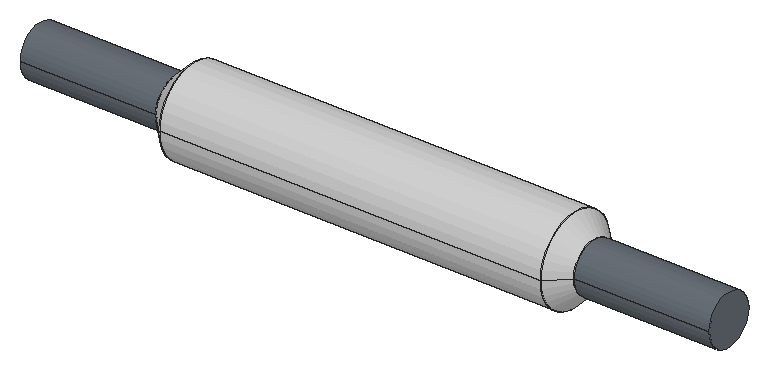
Revit family "РИДАН_Компенсатор под приварку без кожуха", category Арматура трубопроводов, Revit 2019
Family settings
  Размер круглого соединителя = Использовать диаметр
  Тип детали = Вставляется
  На основе рабочей плоскости = Нет
  Всегда вертикально = Да
  При загрузке вырезать с полостями = Нет
  Общий = Нет
Parameters (values of type "DN 15")
  Контакты_Производитель = "info@ridan.ru"  # constant formula
  Изготовитель = "ООО «Ридан-Трейд»"  # constant formula
  num = if((b * 0.22 * 4) - 2 mm > a, 1, 2)  # 2
  e = (c - b) + d  # 170 mm
  d = size_lookup(LT, "d", 20 mm, ADSK_Диаметр условный)  # 155 mm
  c = size_lookup(LT, "c", 20 mm, ADSK_Диаметр условный)  # 35 mm
  b = size_lookup(LT, "b", 20 mm, ADSK_Диаметр условный)  # 20 mm
  b2 = if(num = 2, b, ((a / 4) / 0.22) - 2 mm)  # 20 mm
  a1 = if(num = 2, a, (b2 * 0.22 * 4) - 2 mm)  # 280 mm
  a = size_lookup(LT, "a", 20 mm, ADSK_Диаметр условный)  # 280 mm
  URL = "https://ridan.ru/"
  LT = "Table"  # constant formula
  ADSK_Расход жидкости = 0 m³/h
  ADSK_Наименование = size_lookup(LT, "Name", "", ADSK_Диаметр условный)  # "Компенсатор PN16 DN15, перемещение: +12/-28mm, внутренняя гильза, под приварку"
  ADSK_Масса_Текст = ""
  ADSK_Масса = size_lookup(LT, "M", 0, ADSK_Диаметр условный)  # 0.75
  ADSK_Марка = size_lookup(LT, "Mark", "", ADSK_Диаметр условный)  # "Компенсатор"
  ADSK_Количество = 1  # constant formula
  ADSK_Код изделия = size_lookup(LT, "", "", ADSK_Диаметр условный)  # "065H0040R"
  ADSK_Завод-изготовитель = "ООО «Ридан-Трейд»"  # constant formula
  ADSK_Единица измерения = "шт."
  ADSK_Диаметр условный = 15 mm
  ADSK_Версия семейства = "1.0"  # constant formula
  ADSK_Версия Revit = "2019"  # constant formula
Types (15, lengths in mm): name | num | e | d | c | b | b2 | a1 | a | ADSK_Наименование | ADSK_Масса | ADSK_Код изделия | ADSK_Диаметр условный
  (no name) | 2 | 170 | 155 | 35 | 20 | 20 | 280 | 280 | "Компенсатор PN16 DN15, перемещение: +12/-28mm, внутренняя гильза, под приварку" | 0.75 | "065H0040R" | 15
  DN 15 | 2 | 170 | 155 | 35 | 20 | 20 | 280 | 280 | "Компенсатор PN16 DN15, перемещение: +12/-28mm, внутренняя гильза, под приварку" | 0.75 | "065H0040R" | 15
  DN 20 | 2 | 164 | 155 | 35 | 26 | 26 | 280 | 280 | "Компенсатор PN16 DN20, перемещение: +12/-28mm, внутренняя гильза, под приварку" | 0.77 | "065H0041R" | 20
  DN 25 | 2 | 162 | 150 | 44 | 32 | 32 | 275 | 275 | "Компенсатор PN16 DN25, перемещение +12/-28mm, внутренняя гильза, под приварку" | 1.11 | "065H0042R" | 25
  DN 32 | 2 | 172 | 163 | 51 | 42 | 42 | 310 | 310 | "Компенсатор PN16 DN32, перемещение: +12/-28mm, внутренняя гильза, под приварку" | 1.6 | "065H0043R" | 32
  DN 40 | 2 | 182.5 | 163 | 64.5 | 45 | 45 | 310 | 310 | "Компенсатор PN16 DN40, перемещение: +12/-28mm, внутренняя гильза, под приварку" | 2.45 | "065H0044R" | 40
  DN 50 | 2 | 170.5 | 163 | 64.5 | 57 | 57 | 310 | 310 | "Компенсатор PN16 DN50, перемещение: +12/-28mm, внутренняя гильза, под приварку" | 2.3 | "065H0045R" | 50
  DN 65 | 2 | 148.9 | 129 | 96 | 76.1 | 76.1 | 250 | 250 | "Компенсатор PN16 DN65, перемещение: +12/-28mm, внутренняя гильза, под приварку" | 1.2 | "065H0046R" | 65
  DN 80 | 2 | 154.1 | 132 | 111 | 88.9 | 88.9 | 255 | 255 | "Компенсатор PN16 DN80, перемещение: +12/-28mm, внутренняя гильза, под приварку" | 1.59 | "065H0047R" | 80
  DN 100 | 2 | 165 | 136 | 137 | 108 | 108 | 255 | 255 | "Компенсатор PN16 DN100, перемещение +12/-28mm, внутренняя гильза, под приварку" | 5.53 | "065H0048R" | 100
  DN 125 | 2 | 159 | 132 | 160 | 133 | 133 | 255 | 255 | "Осевой сильфонный компенсатор для СО Ду125/Ру16 +12/-28мм с внутр. направляющей, под приварку" | 3.5 | "082X9242R" | 125
  DN 150 | 2 | 175 | 144 | 190 | 159 | 159 | 270 | 270 | "Осевой сильфонный компенсатор для СО Ду150/Ру16 +12/-28мм с внутр. направляющей, под приварку" | 5 | "082X9243R" | 150
  DN 200 | 2 | 161.9 | 126 | 255 | 219.1 | 219.1 | 260 | 260 | "Осевой сильфонный компенсатор для СО Ду200/Ру16 +12/-28мм с внутр. направляющей, под приварку" | 8.5 | "082X9244R" | 200
  DN 250 | 2 | 184 | 141 | 316 | 273 | 273 | 280 | 280 | "Осевой сильфонный компенсатор для СО Ду250/Ру16 +12/-28мм с внутр. направляющей, под приварку" | 13 | "082X9245R" | 250
  DN 300 | 1 | 173.1 | 127 | 370 | 323.9 | 304.818 | 266.24 | 270 | "Осевой сильфонный компенсатор для СО Ду300/Ру16 +12/-28мм с внутр. направляющей, под приварку" | 17.5 | "082X9246R" | 300
Reference planes
  plane 1 "По центру (Вперед/Назад)": y = 0
  plane 2: z = 0
  plane 3 "По центру (Влево/Вправо)": x = 0
  plane 4: x = -77.5
  plane 5: x = -85
  plane 6: x = -140
  plane 7: x = 77.5
  plane 8: x = 85
  plane 9: x = 140
Forms (mm)
  Extrusion 1, solid, material "Корпус", detail levels fine
    sketch origin (0, 0, 0) x (0, 1, 0) y (0, 0, 1)
      loop
        circle (0, 0) r 10
    from -140 to 140
  Extrusion 2, solid, material "Сталь нержавеющая", detail levels fine
    sketch origin (0, 0, 0) x (0, 1, 0) y (0, 0, 1)
      loop
        circle (0, 0) r 17.5
    from -77.5 to 77.5
  Blend 3, solid, material "Сталь нержавеющая", detail levels fine
    base sketch origin (0, 0, 0) x (0, 1, 0) y (0, 0, 1)
      loop
        circle (0, 0) r 10
    top sketch origin (0, 0, 0) x (0, 1, 0) y (0, 0, 1)
      loop
        circle (0, 0) r 17.5
    from 85 to 77.5
  Blend 4, solid, material "Сталь нержавеющая", detail levels fine
    base sketch origin (0, 0, 0) x (0, 1, 0) y (0, 0, 1)
      loop
        circle (0, 0) r 10
    top sketch origin (0, 0, 0) x (0, 1, 0) y (0, 0, 1)
      loop
        circle (0, 0) r 17.5
    from -85 to -77.5
Dimensions and locks
  equal spacing: plane 7, plane 3 "По центру (Влево/Вправо)", plane 4
  "d": plane 7 to plane 4
  equal spacing: plane 8, plane 3 "По центру (Влево/Вправо)", plane 5
  "e": plane 8 to plane 5
  equal spacing: plane 9, plane 3 "По центру (Влево/Вправо)", plane 6
  "a": plane 9 to plane 6
  "b": diameter of Extrusion 1 sketch curve
  "c": diameter of Extrusion 2 sketch curve
  "b": diameter of Blend 3 sketch curve
  "c": diameter of Blend 3 sketch curve
  "b": diameter of Blend 4 sketch curve
  "c": diameter of Blend 4 sketch curve
  aligned and locked: level to plane 2
  aligned and locked: Extrusion 1 to plane 6
  aligned and locked: Extrusion 1 to plane 9
  aligned and locked: Extrusion 2 to plane 4
  aligned and locked: Extrusion 2 to plane 7
  aligned and locked: plane 4 to Blend 4
  aligned and locked: Blend 4 to plane 5
  aligned and locked: plane 7 to Blend 3
  aligned and locked: Blend 3 to plane 8
  aligned and locked: plane 3 "По центру (Влево/Вправо)" to nested 1
  aligned and locked: plane 2 to nested 1
  aligned and locked: plane 1 "По центру (Вперед/Назад)" to nested 2
  aligned and locked: plane 3 "По центру (Влево/Вправо)" to nested 2
Automatic sketch dimensions
  Extrusion 1 sketch curve to level = 0 mm
  Extrusion 1 sketch curve to plane 1 "По центру (Вперед/Назад)" = 0 mm
  Extrusion 2 sketch curve to level = 0 mm
  Extrusion 2 sketch curve to plane 1 "По центру (Вперед/Назад)" = 0 mm
  Blend 3 sketch curve to level = 0 mm  (x2)
  Blend 3 sketch curve to plane 1 "По центру (Вперед/Назад)" = 0 mm  (x2)
  Blend 4 sketch curve to level = 0 mm  (x2)
  Blend 4 sketch curve to plane 1 "По центру (Вперед/Назад)" = 0 mm  (x2)
Nested families
  nested 1: "УГО_Компенсатор" at (0, 0, 0), a <- "b2", L <- "a1", type "УГО_Компенсатор", detail levels coarse+medium
    with c 4.4 mm, b 11.6 mm, a 20 mm, L2 131.2 mm, L1 131.2 mm, L 280 mm
  nested 2: "УГО_ЭУ_Компенсатор" at (0, 0, 0), a <- "b2", L <- "a1", type "УГО_ЭУ_Компенсатор", detail levels coarse+medium
    with c 4.4 mm, b 11.6 mm, a 20 mm, L2 131.2 mm, L1 131.2 mm, L 280 mm
Connectors
  piping at (-140, 0, 0), diameter 15, driven by "ADSK_Диаметр условный", driven by "ADSK_Расход жидкости"
    settings: on plane 6, index 1, connector inside diameter 609.6 mm, connector length 0 mm, flow factor 0, pipe flow 0 m³/h, pressure drop 0.0 Pa, fitting loss kfactor 0, connector angle 0.00°, fixture units 0, engagement length 0 mm, angle of deflection 0.00°, flow configuration 0, flow direction 0, fitting loss method 0, system type 29, joint type 0, gender type 0, connector reference index 2, connector utility 0, adjustable connector no, is connector primary yes, connector description ""
  piping at (140, 0, 0), diameter 15, driven by "ADSK_Диаметр условный", driven by "ADSK_Расход жидкости"
    settings: on plane 9, index 2, connector inside diameter 609.6 mm, connector length 0 mm, flow factor 0, pipe flow 0 m³/h, pressure drop 0.0 Pa, fitting loss kfactor 0, connector angle 0.00°, fixture units 0, engagement length 0 mm, angle of deflection 0.00°, flow configuration 0, flow direction 0, fitting loss method 0, system type 29, joint type 0, gender type 0, connector reference index 1, connector utility 0, adjustable connector no, is connector primary no, connector description ""
Definition of nested family "УГО_Компенсатор"
  Parameters (values of type "УГО_Компенсатор")
    c [instance] = a * 0.22  # 13.2 mm
    b [instance] = a * 0.58  # 34.8 mm
    a [instance] = 60 mm
    L2 [instance] = if(or(L1 < 0 mm), 1 mm, L1)  # 108.6 mm
    L1 [instance] = (L / 2) - (2 * c)  # 108.6 mm
    L [instance] = 270 mm
  Reference planes
    plane 1 "По центру (Вперед/Назад)": y = 0
    plane 2: z = 0
    plane 3 "По центру (Влево/Вправо)": x = 0
    plane 4: z = 30
    plane 5: z = 17.4
    plane 6: z = -30
    plane 7: z = -17.4
    plane 8: x = -26.4
    plane 9: x = -13.2
    plane 10: x = 26.4
    plane 11: x = 13.2
    plane 12: x = 135
    plane 13: x = -135
  Forms (mm)
    Extrusion 1, solid
      sketch origin (0, 0, 0) x (1, 0, 0) y (0, 0, 1)
        loop
          line (-26.4, 17.4) -> (-26.4, -17.4) -> (-13.2, -30) -> (-13.2, 30) -> (-26.4, 17.4)
      from -0.5 to 0.5
    Extrusion 2, solid
      sketch origin (0, 0, 0) x (1, 0, 0) y (0, 0, 1)
        loop
          line (-13.2, 30) -> (-13.2, -30) -> (0, -17.4) -> (0, 17.4) -> (-13.2, 30)
      from -0.5 to 0.5
    Extrusion 3, solid
      sketch origin (0, 0, 0) x (1, 0, 0) y (0, 0, 1)
        loop
          line (0, 17.4) -> (0, -17.4) -> (13.2, -30) -> (13.2, 30) -> (0, 17.4)
      from -0.5 to 0.5
    Extrusion 4, solid
      sketch origin (0, 0, 0) x (1, 0, 0) y (0, 0, 1)
        loop
          line (13.2, 30) -> (13.2, -30) -> (26.4, -17.4) -> (26.4, 17.4) -> (13.2, 30)
      from -0.5 to 0.5
  Lines and regions (mm)
    model lines
      curve 1: line (26.4, 0, 0) -> (135, 0, 0)
      curve 2: line (-135, 0, 0) -> (-26.4, 0, 0)
  Dimensions and locks
    "b": plane 5 to plane 7
    "a": plane 4 to plane 6
    equal spacing: plane 5, plane 2, plane 7
    equal spacing: plane 4, plane 2, plane 6
    "c": plane 10 to plane 11 to plane 3 "По центру (Влево/Вправо)" to plane 9 to plane 8
    "L2": plane 10 to plane 12
    "L2": plane 13 to plane 8
    plane 10 to plane 8 = 52.8 mm
    aligned and locked: level to plane 2
    aligned and locked: plane 5 to Extrusion 1 sketch curve
    aligned and locked: plane 7 to Extrusion 1 sketch curve
    aligned and locked: Extrusion 1 sketch curve to plane 8
    aligned and locked: plane 9 to Extrusion 1 sketch curve
    aligned and locked: plane 6 to Extrusion 1 sketch curve
    aligned and locked: Extrusion 1 sketch curve to plane 9
    aligned and locked: plane 4 to Extrusion 1 sketch curve
    aligned and locked: Extrusion 2 sketch curve to plane 3 "По центру (Влево/Вправо)"
    aligned and locked: plane 9 to Extrusion 2 sketch curve  (x2)
    aligned and locked: plane 4 to Extrusion 2 sketch curve
    aligned and locked: plane 5 to Extrusion 2 sketch curve
    aligned and locked: plane 3 "По центру (Влево/Вправо)" to Extrusion 2 sketch curve
    aligned and locked: plane 6 to Extrusion 2 sketch curve
    aligned and locked: plane 7 to Extrusion 2 sketch curve
    aligned and locked: plane 5 to Extrusion 3 sketch curve
    aligned and locked: plane 3 "По центру (Влево/Вправо)" to Extrusion 3 sketch curve
    aligned and locked: plane 6 to Extrusion 3 sketch curve
    aligned and locked: plane 11 to Extrusion 3 sketch curve  (x2)
    aligned and locked: Extrusion 3 sketch curve to plane 3 "По центру (Влево/Вправо)"
    aligned and locked: plane 7 to Extrusion 3 sketch curve
    aligned and locked: plane 4 to Extrusion 3 sketch curve
    aligned and locked: plane 11 to Extrusion 4 sketch curve  (x2)
    aligned and locked: plane 4 to Extrusion 4 sketch curve
    aligned and locked: plane 5 to Extrusion 4 sketch curve
    aligned and locked: plane 10 to Extrusion 4 sketch curve  (x2)
    aligned and locked: plane 6 to Extrusion 4 sketch curve
    aligned and locked: plane 7 to Extrusion 4 sketch curve
    aligned and locked: plane 10 to curve 1
    aligned and locked: plane 12 to curve 1
    aligned and locked: plane 8 to curve 2
    aligned and locked: plane 13 to curve 2
  Automatic sketch dimensions
    curve 2 to level = 0 mm
    curve 1 to level = 0 mm
Definition of nested family "УГО_ЭУ_Компенсатор"
  Parameters (values of type "УГО_ЭУ_Компенсатор")
    c [instance] = a * 0.22  # 13.2 mm
    b [instance] = a * 0.58  # 34.8 mm
    a [instance] = 60 mm
    L2 [instance] = if(or(L1 < 0 mm), 1 mm, L1)  # 108.6 mm
    L1 [instance] = (L / 2) - (2 * c)  # 108.6 mm
    L [instance] = 270 mm
  Reference planes
    plane 1 "По центру (Вперед/Назад)": y = 0
    plane 2: z = 0
    plane 3 "По центру (Влево/Вправо)": x = 0
    plane 4: x = -13.2
    plane 5: x = -26.4
    plane 6: x = 13.2
    plane 7: x = 26.4
    plane 8: y = 30
    plane 9: y = 17.4
    plane 10: y = -30
    plane 11: y = -17.4
    plane 12: x = -135
    plane 13: x = 135
  Lines and regions (mm)
    detail lines, in view "Опорный уровень"
      curve 1: line (-26.4, 17.4, 0) -> (-26.4, -17.4, 0)
      curve 2: line (-13.2, 30, 0) -> (-13.2, -30, 0)
      curve 3: line (-26.4, -17.4, 0) -> (-13.2, -30, 0)
      curve 4: line (-26.4, 17.4, 0) -> (-13.2, 30, 0)
      curve 5: line (-13.2, 30, 0) -> (0, 17.4, 0)
      curve 6: line (0, 17.4, 0) -> (0, -17.4, 0)
      curve 7: line (-13.2, -30, 0) -> (0, -17.4, 0)
      curve 8: line (0, 17.4, 0) -> (13.2, 30, 0)
      curve 9: line (0, -17.4, 0) -> (13.2, -30, 0)
      curve 10: line (13.2, 30, 0) -> (26.4, 17.4, 0)
      curve 11: line (13.2, -30, 0) -> (26.4, -17.4, 0)
      curve 12: line (26.4, 17.4, 0) -> (26.4, -17.4, 0)
      curve 13: line (-135, 0, 0) -> (-26.4, 0, 0)
      curve 14: line (26.4, 0, 0) -> (135, 0, 0)
      curve 15: line (13.2, 30, 0) -> (13.2, -30, 0)
  Dimensions and locks
    "c": plane 5 to plane 4 to plane 3 "По центру (Влево/Вправо)" to plane 6 to plane 7
    equal spacing: plane 9, plane 1 "По центру (Вперед/Назад)", plane 11
    "b": plane 9 to plane 11
    equal spacing: plane 8, plane 1 "По центру (Вперед/Назад)", plane 10
    "a": plane 8 to plane 10
    "L2": plane 12 to plane 5
    "L2": plane 7 to plane 13
    aligned and locked: plane 9 to curve 4
    aligned and locked: plane 8 to curve 4
    aligned and locked: plane 11 to curve 1
    aligned and locked: plane 10 to curve 2
    aligned and locked: curve 2 to plane 4
    aligned and locked: curve 1 to plane 5
    aligned and locked: plane 4 to curve 7
    aligned and locked: plane 3 "По центру (Влево/Вправо)" to curve 7
    aligned and locked: plane 9 to curve 6
    aligned and locked: curve 6 to plane 3 "По центру (Влево/Вправо)"
    aligned and locked: plane 8 to curve 8
    aligned and locked: plane 11 to curve 9
    aligned and locked: plane 6 to curve 9
    aligned and locked: plane 11 to curve 11
    aligned and locked: plane 7 to curve 11
    aligned and locked: plane 9 to curve 12
    aligned and locked: plane 1 "По центру (Вперед/Назад)" to curve 13
    aligned and locked: plane 1 "По центру (Вперед/Назад)" to curve 14
    aligned and locked: plane 12 to curve 13
    aligned and locked: plane 5 to curve 13
    aligned and locked: plane 7 to curve 14
    aligned and locked: plane 13 to curve 14
    aligned and locked: plane 6 to curve 15
    aligned and locked: plane 10 to curve 15
